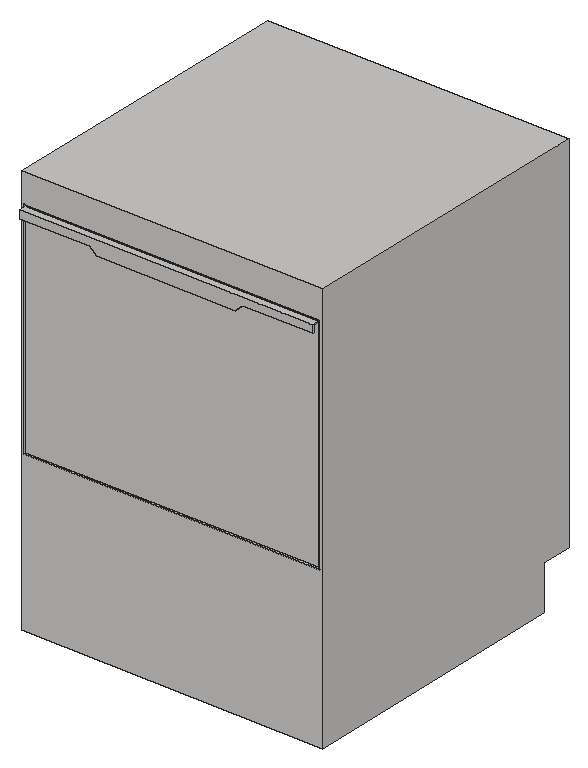
Revit family "QF_ELECTROLUXPROFESSIONAL_400208_EL1GMS", category Specialty Equipment, Revit 2018
Family settings
  Round Connector Dimension = Use Diameter
  Part Type = Normal
  Work Plane-Based = No
  Always vertical = Yes
  Cut with Voids When Loaded = No
  Shared = No
  Room Calculation Point = No
Parameters
  Weight = 47.00 kg
  Watts = 0 W
  Volts = 0 V
  URL Manufacturer = ""
  URL = "http://professional.electrolux.com/"
  Steam Supply Size = 0 mm
  Steam Supply Minimum Pressure = 0.0 Pa
  Steam Supply Maximum Pressure = 0.0 Pa
  Steam Pounds per Hour = 0
  Show Logo [instance] = yes
  Show Clearance [instance] = yes
  Refrigeration Suction Line Size = 0 mm
  Refrigeration Liquid Line Size = 0 mm
  Refrigerant Compressor Remote = yes
  Manufacturer = ""
  Phase = 0
  Model = ""
  Length Actual = 600 mm  # constant formula
  Item Number = ""
  Hot Water Size = 0 mm
  Height Actual = 820 mm  # constant formula
  HP = "4.9 HP"
  Gas Size = 0 mm
  Gas KW = 0
  Gas Input Pressure = 0 W
  Direct Waste Size = 20.5 mm
  Description = ""
  Depth Actual = 648 mm  # constant formula
  Cycle = 0 Hz
  Condensate Return Size = 0 mm
  Compressed Air Volume = 0.0 L/s
  Compressed Air Size = 0 mm
  Compressed Air Pressure = 0.0 Pa
  Cold Water Size = 0 mm
  Accessory = yes
Types (2, lengths in mm): name | Volts | URL Manufacturer | URL | Manufacturer | Phase | Model | Item Number | Hot Water Size | Description | Cycle
  (no name) | 0 V | "" | "http://professional.electrolux.com/" | "" | 0 | "" | "" | 0 | "" | 0 Hz
  Standard | 230 V | "http://professional.electrolux.com" | "http://professional.electrolux.com" | "Electrolux Professional" | 1 | "EL1GMS" | "400208" | 19.05 | "UNDERCOUNTER(L), 1PH, DP, DD, MULTI RACK, 540D/H" | 50 Hz
Reference planes
  plane 1 "Center (Front/Back)": y = 0
  plane 2: z = 0
  plane 3 "Center (Left/Right)": x = 0
  plane 4 "LEFT": x = -300
  plane 5 "RIGHT": x = 300
  plane 6 "FRONT": y = -306
  plane 7 "BACK": y = 306
  plane 8: x = -202.5
  plane 9: x = 202.5
  plane 10: z = 830
  plane 11: z = 10
Forms (mm)
  Extrusion 1, solid, material "QF_Finishes_Stainless Steel"
    sketch origin (0, 0, 0) x (1, 0, 0) y (0, 1, 0)
      loop
        line (-300, -306) -> (300, -306) -> (300, 245) -> (-300, 245) -> (-300, -306)
    from 10 to 830
  Extrusion 2, solid, material "QF_Finishes_Stainless Steel"
    sketch origin (0, 0, 0) x (1, 0, 0) y (0, 1, 0)
      loop
        line (-300, 245) -> (300, 245) -> (300, 306) -> (-300, 306) -> (-300, 245)
    from 100 to 830
  Extrusion 3, solid, material "QF_Finishes_Stainless Steel"
    sketch origin (0, 17.5, 0) x (1, 0, 0) y (0, 1, 0)
      loop
        circle (-254, 167.5) r 12.5
      loop
        circle (254, 167.5) r 12.5
      loop
        circle (-254, -263.5) r 12.5
      loop
        circle (254, -263.5) r 12.5
    from 0 to 10
  Extrusion 4, void
    sketch origin (-300, -306, 0) x (-1, 0, 0) y (0, 0, 1)
      loop
        line (-5, 773.217) -> (-595, 773.217) -> (-595, 327.335) -> (-5, 327.335) -> (-5, 773.217)
    from 0 to 30
  Extrusion 5, solid, material "QF_Finishes_Stainless Steel"
    sketch origin (-259, -389, 768) x (0, 0, -1) y (1, 0, 0)
      loop
        circle (693, 143) r 10
    from -634 to -695
  Extrusion 6, solid, material "QF_Door-Drawer Clearances", visible <- "Show Clearance", detail levels coarse
    sketch origin (-230, -282.5, 0) x (0, 1, 0) y (0, 0, -1)
      loop
        line (-23.5, -330.419) -> (-391.5, -330.419)
        arc (-391.5, -330.419) -> (-290.693, -619.855) -> (-23.5, -770) r 432.894
        line (-23.5, -770) -> (-23.5, -330.419)
    from 61.197 to -521.306
  Extrusion 7, solid, material "QF_Finishes_Stainless Steel"
    sketch origin (-315.481, -389, 738) x (0, 0, -1) y (1, 0, 0)
      loop
        circle (663, 252.481) r 8
    from -634 to -695
  Extrusion 8, solid, material "QF_Finishes_Stainless Steel"
    sketch origin (-230, -282.5, 0) x (0, 1, 0) y (0, 0, -1)
      loop
        line (-23.5, -330.419) -> (-23.5, -770) -> (1.5, -770) -> (1.5, -330.419) -> (-23.5, -330.419)
    from 61.197 to -521.306
  Extrusion 9, solid, material "QF_Finishes_Stainless Steel"
    sketch origin (-230, -297.5, 0) x (0, 1, 0) y (0, 0, -1)
      loop
        line (-8.5, -770) -> (-8.5, -767.514) -> (-21, -767.514) -> (-21, -741.25) -> (-23.5, -741.25) -> (-23.5, -770) -> (-8.5, -770)
    from 61.197 to -521.306
  Extrusion 10, void
    sketch origin (-230, -321, 770) x (0, 0, 1) y (1, 0, 0)
      loop
        line (-15.552, -61.197) -> (-15.552, 77.909) -> (-28.75, 91.107) -> (-28.75, -61.197) -> (-15.552, -61.197)
      loop
        line (-15.552, 521.197) -> (-28.75, 521.197) -> (-28.75, 368.893) -> (-15.552, 382.091) -> (-15.552, 521.197)
    from 0 to 2.5
  Extrusion 11, solid, material "QF_Finishes_Stainless Steel"
    sketch origin (-295.988, 885.897, 763.79) x (0, -1, 0) y (1, 0, 0)
      loop
        circle (611.5, 158) r 8
    from -663.79 to -673.79
Cuts and joins
  Extrusion 4 cuts Extrusion 1
  joined: Extrusion 1, Extrusion 2
  Extrusion 10 cuts Extrusion 8
  Extrusion 10 cuts Extrusion 9
Lines and regions (mm)
  Split face 1
    outline origin (-300, -306, 830) x (0, 0, -1) y (1, 0, 0)
      loop
        line (21.579, 283.75) -> (39.683, 283.75) -> (39.683, 316.25) -> (21.579, 316.25) -> (21.579, 283.75)
  Split face 2
    outline origin (-300, -306, 830) x (0, 0, -1) y (1, 0, 0)
      loop
        line (56.783, 595) -> (56.783, 600)
      loop
        arc (56.783, 412.5) -> (28.391, 440.891) -> (0, 412.5) r 28.391
  symbolic lines
    curve 1: line (-300, 306, 0) -> (300, 306, 0)
    curve 2: line (-300, -306, 0) -> (-300, 306, 0)
    curve 3: line (300, -306, 0) -> (-300, -306, 0)
    curve 4: line (300, 306, 0) -> (300, -306, 0)
    curve 9: line (-291.197, -306, 0) -> (-291.197, -321, 0)
    curve 10: line (291.306, -321, 0) -> (291.306, -306, 0)
    curve 11: line (-291.197, -321, 0) -> (291.306, -321, 0)
  symbolic lines, style "QF_Door-Drawer Clearances"
    curve 5: line (-291.197, -674, 0) -> (291.306, -674, 0)
    curve 6: line (291.306, -674, 0) -> (291.306, -306, 0)
    curve 7: line (-291.197, -674, 0) -> (-291.197, -306, 0)
  symbolic lines, style "SpecialityEquipmentHiddenLines"
    curve 8: line (-300, 245, 0) -> (300, 245, 0)
Dimensions and locks
  equal spacing: plane 4 "LEFT", plane 3 "Center (Left/Right)", plane 5 "RIGHT"
  equal spacing: plane 7 "BACK", plane 1 "Center (Front/Back)", plane 6 "FRONT"
  plane 7 "BACK" to plane 6 "FRONT" = 612 mm
  plane 4 "LEFT" to plane 5 "RIGHT" = 600 mm
  plane 4 "LEFT" to plane 8 = 97.5 mm
  plane 9 to plane 5 "RIGHT" = 97.5 mm
  plane 11 to level = 10 mm
  plane 4 "LEFT" to plane 3 "Center (Left/Right)" = 300 mm
  plane 10 to level = 830 mm  (x2)
  plane 8 to plane 9 = 405 mm
  Extrusion 11 sketch curve to plane 4 "LEFT" = 162.012 mm
  level to Extrusion 5 sketch curve = 75 mm
  Extrusion 5 sketch curve to plane 4 "LEFT" = 184 mm
  Extrusion 7 sketch curve to plane 4 "LEFT" = 237 mm
  level to Extrusion 7 sketch curve = 75 mm
  Extrusion 3 to cut or joined group of Extrusion 1, Extrusion 2, Extrusion 4 = 121 mm
  Extrusion 3 to Extrusion 3 = 431 mm
  plane 6 "FRONT" to Extrusion 3 = 60 mm
  plane 9 to plane 8 = 405 mm
  plane 7 "BACK" to curve 5 = 980 mm
  cut or joined group of Extrusion 1, Extrusion 2, Extrusion 4 to level = 327.335 mm
  aligned and locked: level to plane 2
  aligned and locked: Extrusion 1 sketch curve to plane 6 "FRONT"
  aligned and locked: Extrusion 1 sketch curve to plane 4 "LEFT"
  aligned and locked: plane 5 "RIGHT" to Extrusion 1 sketch curve
  aligned and locked: Extrusion 1 to plane 11
  aligned and locked: Extrusion 2 sketch curve to Extrusion 1
  aligned and locked: plane 5 "RIGHT" to Extrusion 2 sketch curve
  aligned and locked: plane 11 to Extrusion 3
  aligned and locked: cut or joined group of Extrusion 9, Extrusion 10 to Extrusion 10
Automatic sketch dimensions
  Extrusion 1 sketch curve to plane 7 "BACK" = 61 mm
  Extrusion 3 sketch curve to plane 8 = 51.5 mm  (x2)
  plane 9 to Extrusion 3 sketch curve = 51.5 mm  (x2)
  plane 6 "FRONT" to Extrusion 3 sketch curve = 60 mm  (x2)
  Extrusion 3 sketch curve to plane 7 "BACK" = 121 mm  (x2)
  Extrusion 4 sketch curve to Extrusion 1 = 5 mm  (x2)
  Extrusion 4 sketch curve to Extrusion 1 = 317.335 mm
  Extrusion 4 sketch curve to Extrusion 1 = 56.783 mm
  plane 6 "FRONT" to Extrusion 8 sketch curve = 0 mm
  Extrusion 8 sketch curve to Extrusion 8 sketch curve = 25 mm
  Extrusion 9 sketch curve to plane 6 "FRONT" = 15 mm
  Extrusion 9 sketch curve to Extrusion 9 sketch curve = 2.5 mm
  Extrusion 9 sketch curve to Extrusion 9 sketch curve = 12.5 mm
  Extrusion 9 sketch curve to plane 10 = 60 mm
  Extrusion 9 sketch curve to Extrusion 9 sketch curve = 2.486 mm
  Extrusion 9 sketch curve to Extrusion 9 sketch curve = 26.264 mm
  Extrusion 2 sketch curve to Extrusion 2 sketch curve = 61 mm
  Split face 1 sketch curve to cut or joined group of Extrusion 1, Extrusion 2, Extrusion 4 = 21.579 mm
  Split face 1 sketch curve to Split face 1 sketch curve = 18.104 mm
  Split face 1 sketch curve to cut or joined group of Extrusion 1, Extrusion 2, Extrusion 4 = 278.75 mm
  Split face 1 sketch curve to Split face 1 sketch curve = 32.5 mm
  plane 11 to Extrusion 8 sketch curve = 320.419 mm
  Extrusion 8 sketch curve to plane 10 = 60 mm
  Extrusion 10 sketch curve to Extrusion 9 = 0 mm  (x2)
  Extrusion 9 to Extrusion 10 sketch curve = 0 mm
  Extrusion 10 sketch curve to Extrusion 9 = 13.198 mm  (x2)
  Extrusion 10 sketch curve to Extrusion 9 = 139.107 mm
  Extrusion 10 sketch curve to Extrusion 10 sketch curve = 13.198 mm  (x2)
  Extrusion 10 sketch curve to Extrusion 9 = 152.413 mm
  Extrusion 10 sketch curve to Extrusion 9 = 0.109 mm
  curve 3 to plane 4 "LEFT" = 0 mm
  curve 7 to plane 6 "FRONT" = 0 mm
  curve 4 to plane 5 "RIGHT" = 0 mm
  curve 2 to plane 7 "BACK" = 0 mm
  plane 4 "LEFT" to curve 5 = 8.803 mm
  curve 5 to plane 5 "RIGHT" = 8.694 mm
  plane 4 "LEFT" to curve 11 = 8.803 mm
  curve 10 to plane 5 "RIGHT" = 8.694 mm
  curve 11 to plane 6 "FRONT" = 15 mm
  curve 8 to plane 7 "BACK" = 61 mm
  Extrusion 2 sketch curve to plane 7 "BACK" = 0 mm
  Split face 2 sketch curve to cut or joined group of Extrusion 1, Extrusion 2, Extrusion 4 = 0 mm  (x5)
  Split face 2 sketch curve to cut or joined group of Extrusion 1, Extrusion 2, Extrusion 4 = 182.5 mm
  Extrusion 11 sketch curve to plane 7 "BACK" = 31.603 mm
  Extrusion 6 sketch curve to plane 6 "FRONT" = 0 mm
  plane 6 "FRONT" to Extrusion 6 sketch curve = 64.74 mm
  plane 11 to Extrusion 6 sketch curve = 331.974 mm
  Extrusion 6 sketch curve to Extrusion 6 sketch curve = 11.555 mm
  Extrusion 6 sketch curve to plane 6 "FRONT" = 368 mm
  radius of Extrusion 5 sketch curve = 10 mm
  radius of Extrusion 7 sketch curve = 8 mm
  radius of Extrusion 3 sketch curve = 12.5 mm  (x4)
  radius of Extrusion 11 sketch curve = 8 mm
Connectors
  piping at (-116, 306, 75), diameter 20
    settings: on Extrusion 5, index 1, connector inside diameter 609.6 mm, connector length 0 mm, flow factor 0, pipe flow 0.0 L/s, pressure drop 0.0 Pa, fitting loss kfactor 0, connector angle 0.00°, fixture units 0, engagement length 0 mm, angle of deflection 0.00°, flow configuration 1, flow direction 1, fitting loss method 0, system type 16, joint type 0, gender type 0, connector reference index -1, connector utility 0, adjustable connector no, is connector primary yes, connector description "Drain"
  piping at (-63, 306, 75), diameter 16
    settings: on Extrusion 7, index 3, connector inside diameter 609.6 mm, connector length 0 mm, flow factor 0, pipe flow 0.0 L/s, pressure drop 0.0 Pa, fitting loss kfactor 0, connector angle 0.00°, fixture units 0, engagement length 0 mm, angle of deflection 0.00°, flow configuration 1, flow direction 1, fitting loss method 0, system type 20, joint type 0, gender type 0, connector reference index -1, connector utility 0, adjustable connector no, is connector primary no, connector description "Cold Water Inlet"
  electrical at (-137.988, 274.397, 90), driven by "Volts"
    settings: on Extrusion 11, index 4, voltage 0 V, apparent load 0 VA, apparent load phase1 0 VA, apparent load phase2 0 VA, apparent load phase3 0 VA, power factor 1, load classification "Altro", number of poles 1, system type 31, power factor state 1, is connector primary yes, connector utility no, sub classification motor no, connector description "Electrical Connection"
